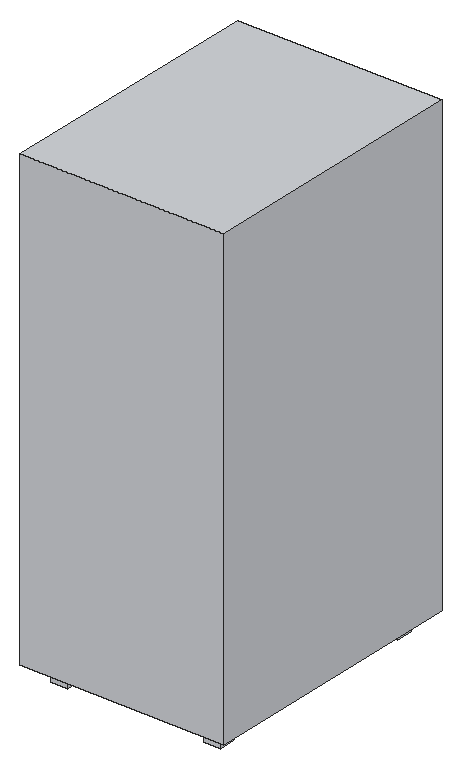
Revit family "M_Fornecimento de alimentação ininterrupta", category Equipamento elétrico, Revit 2019
Family settings
  Configuração do painel = Duas colunas, circuitos transversais
  Cota do conector redondo = Utilizar diâmetro
  Tipo de parte = Painel de controle
  Número OmniClass = 23.80.10.17.34
  Título OmniClass = Static Uninterruptible Power Supplies
  ID de item do Seek = Uninterruptible Power Supply-0000-CAN-ENU
  Com base no plano de trabalho = Não
  Sempre na vertical = Sim
  Corte com vazios quando carregada = Não
  Compartilhado = Não
  Ponto de cálculo do ambiente = Não
Parameters (values of type "10 kVA")
  Largura do UPS = 815 mm
  Material do UPS = none
  Comprimento do UPS = 610 mm
  Altura do UPS = 1370 mm
  Voltagem primária = 480 V
  Número primário dos pólos = 3
  Classificação de carga = Potência
Types (4, lengths in mm): name | Comprimento do UPS | Altura do UPS
  (no name) | 610 | 1370
  10 kVA | 610 | 1370
  40 kVA | 1015 | 1370
  80 kVA | 1015 | 1470
Reference planes
  plane 1 "Centro (Frente/Trás)": y = 0
  plane 2: z = 0
  plane 3 "Centro (Esquerda/Direita)": x = 0
  plane 4: y = -50.8
  plane 5: y = -815
  plane 6: y = -764.2
  plane 7: x = 305
  plane 8: x = -305
  plane 9: x = -254.2
  plane 10: x = 254.2
  plane 11: z = 50.8
  plane 12: z = 1420.8
Forms (mm)
  Extrusion 1, solid, material <- "Material do UPS"
    sketch origin (0, 0, 0) x (1, 0, 0) y (0, 1, 0)
      loop
        line (-254.2, -50.8) -> (-254.2, -101.6) -> (-203.4, -101.6) -> (-203.4, -50.8) -> (-254.2, -50.8)
    from 0 to 50.8
  Extrusion 2, solid, material <- "Material do UPS"
    sketch origin (0, 0, 0) x (1, 0, 0) y (0, 1, 0)
      loop
        line (254.2, -50.8) -> (203.4, -50.8) -> (203.4, -101.6) -> (254.2, -101.6) -> (254.2, -50.8)
    from 0 to 50.8
  Extrusion 3, solid, material <- "Material do UPS"
    sketch origin (0, 0, 0) x (1, 0, 0) y (0, 1, 0)
      loop
        line (-254.2, -764.2) -> (-203.4, -764.2) -> (-203.4, -713.4) -> (-254.2, -713.4) -> (-254.2, -764.2)
    from 0 to 50.8
  Extrusion 4, solid, material <- "Material do UPS"
    sketch origin (0, 0, 0) x (1, 0, 0) y (0, 1, 0)
      loop
        line (254.2, -764.2) -> (254.2, -713.4) -> (203.4, -713.4) -> (203.4, -764.2) -> (254.2, -764.2)
    from 0 to 50.8
  Extrusion 5, solid, material <- "Material do UPS"
    sketch origin (0, 0, 0) x (1, 0, 0) y (0, 1, 0)
      loop
        line (-305, 0) -> (-305, -815) -> (305, -815) -> (305, 0) -> (-305, 0)
    from 50.8 to 1420.8
Dimensions and locks
  locked: plane 4 to plane 1 "Centro (Frente/Trás)" at 50.8
  "Largura do UPS": plane 5 to plane 1 "Centro (Frente/Trás)"
  locked: plane 5 to plane 6 at 50.8
  "Comprimento do UPS": plane 8 to plane 7
  equal spacing: plane 8, plane 3 "Centro (Esquerda/Direita)", plane 7
  locked: plane 8 to plane 9 at 50.8
  locked: plane 10 to plane 7 at 50.8
  locked: plane 11 to plane 2 at 50.8
  "Altura do UPS": plane 12 to plane 11
  aligned and locked: plane 9 to Extrusion 1 sketch curve
  aligned and locked: plane 4 to Extrusion 1 sketch curve
  aligned and locked: plane 11 to Extrusion 1
  aligned and locked: plane 10 to Extrusion 2 sketch curve
  aligned and locked: Extrusion 2 sketch curve to plane 4
  aligned and locked: plane 11 to Extrusion 2
  aligned and locked: plane 9 to Extrusion 3 sketch curve
  aligned and locked: plane 6 to Extrusion 3 sketch curve
  aligned and locked: plane 11 to Extrusion 3
  aligned and locked: plane 10 to Extrusion 4 sketch curve
  aligned and locked: Extrusion 4 sketch curve to plane 6
  aligned and locked: plane 11 to Extrusion 4
  aligned and locked: plane 8 to Extrusion 5 sketch curve
  aligned and locked: plane 1 "Centro (Frente/Trás)" to Extrusion 5 sketch curve
  aligned and locked: plane 5 to Extrusion 5 sketch curve
  aligned and locked: Extrusion 5 sketch curve to plane 7
  aligned and locked: plane 12 to Extrusion 5
  aligned and locked: Extrusion 5 to plane 11
  aligned and locked: Extrusion 3 to plane 2
  aligned and locked: Extrusion 4 to plane 2
  aligned and locked: Extrusion 2 to plane 2
  aligned and locked: Extrusion 1 to plane 2
Automatic sketch dimensions
  Extrusion 1 sketch curve to plane 9 = 50.8 mm
  Extrusion 1 sketch curve to Extrusion 1 sketch curve = 50.8 mm
  Extrusion 2 sketch curve to plane 10 = 50.8 mm
  Extrusion 2 sketch curve to Extrusion 2 sketch curve = 50.8 mm
  Extrusion 3 sketch curve to plane 9 = 50.8 mm
  Extrusion 3 sketch curve to plane 6 = 50.8 mm
  Extrusion 4 sketch curve to plane 10 = 50.8 mm
  Extrusion 4 sketch curve to plane 6 = 50.8 mm
Connectors
  electrical at (0, 0, 735.8), driven by "Voltagem primária", driven by "Número primário dos pólos", driven by "Classificação de carga"
    settings: on Extrusion 5, index 1, voltage 480 V, apparent load 0 VA, apparent load phase1 0 VA, apparent load phase2 0 VA, apparent load phase3 0 VA, power factor 0.95, load classification "Potência", number of poles 3, system type 31, power factor state 1, is connector primary yes, connector utility no, sub classification motor no, connector description ""
  cabletrayconduit at (0, -407.5, 1420.8), diameter 600
    settings: on Extrusion 5, index 2, connector width 300 mm, connector height 300 mm, connector angle 0.00°, system type 32, placement type 1, profile type 0, connector reference index -1, is primary connector yes, connector utility param no, connector description ""
  cabletrayconduit at (-305, -407.5, 735.8), diameter 600
    settings: on Extrusion 5, index 3, connector width 300 mm, connector height 300 mm, connector angle 0.00°, system type 32, placement type 1, profile type 0, connector reference index -1, is primary connector no, connector utility param no, connector description ""
  cabletrayconduit at (305, -407.5, 735.8), diameter 600
    settings: on Extrusion 5, index 4, connector width 300 mm, connector height 300 mm, connector angle 0.00°, system type 32, placement type 1, profile type 0, connector reference index -1, is primary connector no, connector utility param no, connector description ""
  cabletrayconduit at (0, 0, 735.8), diameter 600
    settings: on Extrusion 5, index 5, connector width 300 mm, connector height 300 mm, connector angle 0.00°, system type 32, placement type 1, profile type 0, connector reference index -1, is primary connector no, connector utility param no, connector description ""
  cabletrayconduit at (0, -407.5, 50.8), diameter 600
    settings: on Extrusion 5, index 6, connector width 300 mm, connector height 300 mm, connector angle 0.00°, system type 32, placement type 1, profile type 0, connector reference index -1, is primary connector no, connector utility param no, connector description ""
